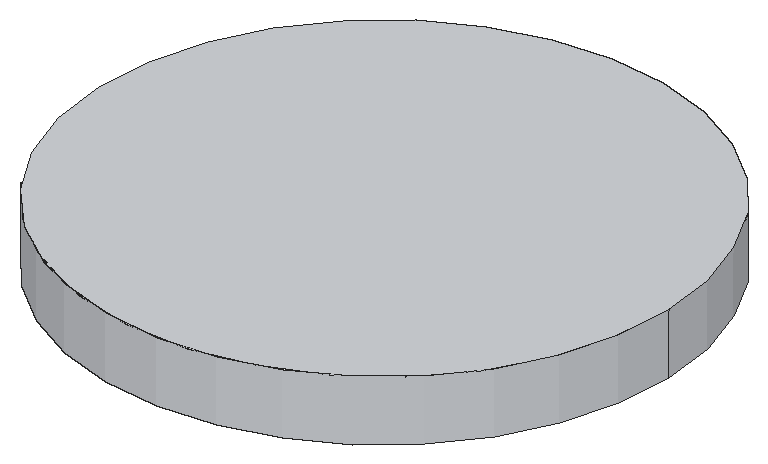
Revit family "Flooring-Systems-Buzon-DPH-F28", category Generic Models, host Face, Revit 2015
Parameters (values of type "BUZON_DPHF28")
  Youtube clip = ""
  Weight Net (Kg) = "0"
  Uniformat II Description = "Floor Construction"
  Uniformat II Code = "B1010"
  Uniclass 2015 Name = "External floor tiling systems"
  Uniclass 2015 Code = "Ss_30_42_32_30"
  Uniclass 2.0 Description = "Flooring And Decking Systems"
  Uniclass 2.0 Code = "SS-20-20"
  Uniclass 1.4 Description = "Floor units"
  Uniclass 1.4 Code = "L83121"
  UNSPSC Code = "301617"
  Technical description = ""
  Region South America = "All"
  Region Oceania = "All"
  Region North America = "All"
  Region Middle East = "All"
  Region Europe = "All"
  Region Asia = "All"
  Region Antarctica = "All"
  Region Africa = "All"
  QR code = "http://bimobject.com/buzon/product/DPH-1"
  Product url = "http://www.buzon-world.com/en_US/products/dph-series.html"
  Product group = "Pedestal"
  Product family = "DPH"
  Product data url = "https://bimobject.com/buzon/product/DPH-1"
  Product certification = ""
  Product SKU = "DPH-1"
  Product Guid = "6ce69785-c204-4173-9675-df04cf31d1b6"
  Pedestal Material = Default_DPH_Material
  OmniClass Description = "Flooring Specialties and Accessories"
  OmniClass Code = "23-15 17 11"
  Nominal width = 0.0 mm
  Nominal height = 0.0 mm
  NBS Reference Description = "Flooring And Decking Systems"
  NBS Reference Code = "20-20"
  Material secondary = "Polypropylene"
  Material main = "Polypropylene"
  Masterformat 2014 Description = ""
  Masterformat 2014 Code = ""
  Manufacturer name = "Buzon"
  Manufacturer country = "Belgium"
  Installation instructions = ""
  IFC Classification = "Building Element"
  Height [instance] = 28.0 mm  # constant formula
  Default Elevation = 1200.0 mm
  Edition number = 1
  EAN code = ""
  Design country = "Belgium"
  Date of publishing = "12/21/2016"
  COBIe Type Category = ""
  Brand url = "http://www.buzon-world.com/en_US/home.html"
  BIMobject category = "Systems"
Reference planes
  plane 1 "Center (Front/Back)": y = 0
  plane 2: z = 0
  plane 3 "Center (Left/Right)": x = 0
  plane 4: x = 1219.2
  plane 5: x = -1219.2
  plane 6: z = 28
Forms (mm)
  Extrusion 1, solid, not visible
    sketch origin (0, 0, 0) x (1, 0, 0) y (0, 1, 0)
      loop
        circle (0, 0) r 100
    from 338.467 to 360
Dimensions and locks
  "Height": plane 6 to host face
  aligned and locked: plane 2 to host face
  aligned and locked: level to host face
Automatic sketch dimensions
  host sketch curve to host sketch curve = 2438.4 mm  (x2)
Nested families
  nested 1: "DPH1" at (0, 0, 0), Material <- "Pedestal Material", type "DPH1"
    with Material Default_DPH_Material
Definition of nested family "DPH1"
  Parameters (values of type "DPH1")
    Youtube clip = ""
    Weight Net (Kg) = 0
    Uniformat II Description = ""
    Uniformat II Code = ""
    Uniclass 2015 Name = ""
    Uniclass 2015 Code = ""
    Uniclass 2.0 Description = ""
    Uniclass 2.0 Code = ""
    Uniclass 1.4 Description = ""
    Uniclass 1.4 Code = ""
    UNSPSC Code = ""
    Technical description = ""
    Region South America = "All"
    Region Oceania = "All"
    Region North America = "All"
    Region Middle East = "All"
    Region Europe = "All"
    Region Asia = "All"
    Region Antarctica = "All"
    Region Africa = "All"
    QR code = "http://bimobject.com/demo-pl/product/igor_1"
    Product name = "igor_test"
    Product group = ""
    Product family = ""
    Product data url = "https://bimobject.com/demo-pl/product/igor_1"
    Product certification = ""
    Product SKU = "igor_1"
    Product Guid = "4c18444a-81e5-491c-bd44-c98c617819f1"
    OmniClass Description = ""
    OmniClass Code = ""
    Nominal width = 0
    Nominal height = 0
    NBS Reference Description = ""
    NBS Reference Code = ""
    Material [instance] = none
    Masterformat 2014 Description = ""
    Masterformat 2014 Code = ""
    Manufacturer name = "Demo-PL"
    Manufacturer country = ""
    Installation instructions = ""
    IFC Classification = "Furniture"
    Edition number = 1
    EAN code = ""
    Design country = ""
    Date of publishing = ""
    COBIe Type Category = ""
    BIMobject category = ""
  Reference planes
    plane 1 "Center (Front/Back)": y = 0
    plane 2: z = 0
    plane 3 "Center (Left/Right)": x = 0
  Dimensions and locks
    aligned and locked: plane 2 to level
  Imported bodies without a history: 1
